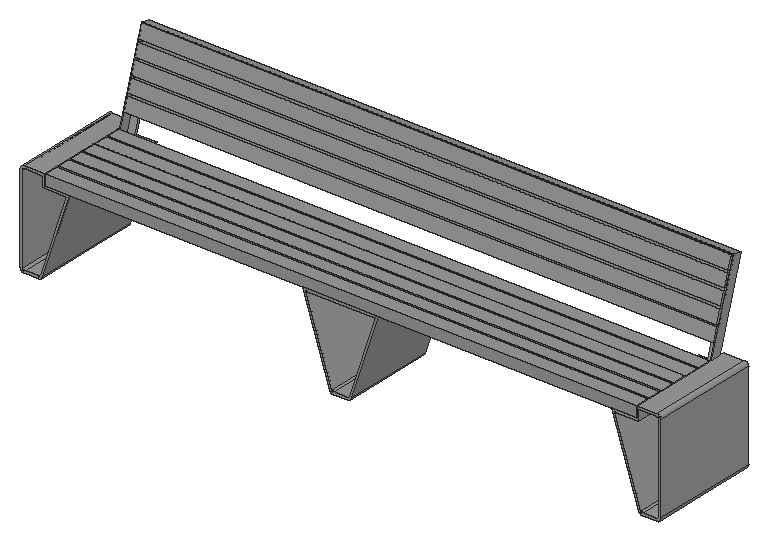
Revit family "Скамейка стальная «Энигма» Арт 14121", category Антураж, Revit 2018
Family settings
  На основе рабочей плоскости = Нет
  Всегда вертикально = Да
  При загрузке вырезать с полостями = Нет
  Источник визуального образа = Геометрия семейства
  Общий = Нет
  Точка расчета площади = Нет
Parameters (values of type "Скамейка стальная «Энигма» 3,0 м")
  Ширина = 610 mm  # constant formula
  Цвет лавки = Орех
  Цвет каркаса = Сталь
  Описание = if([Версия 1,5 м], "Скамейка стальная «Энигма». Модель 1,5 м", if([Версия 1,8 м], "Скамейка стальная «Энигма». Модель 1,8 м", if([Версия 2,0 м], "Скамейка стальная «Энигма». Модель 2,0 м", "Скамейка стальная «Энигма». Модель 3,0 м")))  # "Скамейка стальная «Энигма». Модель 3,0 м"
  Материал изделия = "Дерево, сталь"  # constant formula
  Изображение типоразмера = 68ce0d10d25cda0047d66e55ffdcb8d4.jpg
  Изготовитель = "ООО «Хоббика»"  # constant formula
  Длина = if([Версия 1,5 м], 1500 mm, if([Версия 1,8 м], 1800 mm, if([Версия 2,0 м], 2000 mm, 3000 mm)))  # 3000 mm
  Группа модели = "Скамейки"  # constant formula
  Высота = 840 mm  # constant formula
  Версия 3,0 м = yes
  Версия 2,0 м = no
  Версия 1,8 м = no
  Версия 1,5 м = no
  Артикул товара = "Арт. 14121"  # constant formula
  URL = "https://hobbyka.ru/product/skameyka_enigma/"
Types (5, lengths in mm): name | Описание | Длина | Версия 3,0 м | Версия 2,0 м | Версия 1,8 м | Версия 1,5 м
  (no name) | "Скамейка стальная «Энигма». Модель 3,0 м" | 3000 | yes | no | no | no
  Скамейка стальная «Энигма» 1,5 м | "Скамейка стальная «Энигма». Модель 1,5 м" | 1500 | no | no | no | yes
  Скамейка стальная «Энигма» 1,8 м | "Скамейка стальная «Энигма». Модель 1,8 м" | 1800 | no | no | yes | no
  Скамейка стальная «Энигма» 2,0 м | "Скамейка стальная «Энигма». Модель 2,0 м" | 2000 | no | yes | no | no
  Скамейка стальная «Энигма» 3,0 м | "Скамейка стальная «Энигма». Модель 3,0 м" | 3000 | yes | no | no | no
Reference planes
  plane 1 "По центру (Вперед/Назад)": y = 0
  plane 2: z = 0
  plane 3 "По центру (Влево/Вправо)": x = 0
  plane 4: x = 3000
  plane 5: y = 610
  plane 6: x = 115
  plane 7: x = 2885
  plane 8: x = 120
  plane 9: x = 2880
Forms (mm)
  Extrusion 1, solid, material "Орех" <- "Цвет лавки"
    sketch origin (0, 21.367, 0) x (0, 1, 0) y (0, 0, 1)
      loop
        line (406.887, 400) -> (406.887, 450) -> (341.887, 450) -> (341.887, 400) -> (406.887, 400)
      loop
        line (334.287, 400) -> (334.287, 450) -> (269.287, 450) -> (269.287, 400) -> (334.287, 400)
      loop
        line (261.687, 400) -> (261.687, 450) -> (196.687, 450) -> (196.687, 400) -> (261.687, 400)
      loop
        line (189.087, 400) -> (189.087, 450) -> (124.087, 450) -> (124.087, 400) -> (189.087, 400)
      loop
        line (116.487, 400) -> (116.487, 450) -> (51.487, 450) -> (51.487, 400) -> (116.487, 400)
      loop
        line (43.887, 400) -> (43.887, 450) -> (-21.113, 450) -> (-21.113, 400) -> (43.887, 400)
    from 115 to 2885
  Extrusion 2, solid, material "Орех" <- "Цвет лавки"
    sketch origin (0, 9.015, -3.21) x (0, 1, 0) y (0, 0, 1)
      loop
        line (551.887, 840) -> (533.346, 782.937) -> (576.143, 769.031) -> (594.685, 826.094) -> (551.887, 840)
      loop
        line (530.256, 773.426) -> (511.715, 716.363) -> (554.512, 702.457) -> (573.053, 759.52) -> (530.256, 773.426)
      loop
        line (508.625, 706.852) -> (490.084, 649.789) -> (532.881, 635.883) -> (551.422, 692.946) -> (508.625, 706.852)
      loop
        line (486.993, 640.278) -> (468.452, 583.215) -> (511.25, 569.309) -> (529.791, 626.372) -> (486.993, 640.278)
      loop
        line (465.362, 573.704) -> (446.821, 516.641) -> (489.619, 502.735) -> (508.16, 559.798) -> (465.362, 573.704)
    from 120 to 2880
  Sweep 3, solid, material "Сталь" <- "Цвет каркаса"
    path origin (0, 0, 0) x (1, 0, 0) y (0, 1, 0)
      loop
        line (115, 610) -> (2885, 610)
    profile origin (1500, 610, 0) x (0, 1, 0) y (0, 0, 1)
      loop
        line (-42.798, 840) -> (-44.343, 835.245) -> (-6.3, 822.884) -> (-18.661, 784.842) -> (-13.906, 783.297) -> (0, 826.094) -> (-42.798, 840)
  Sweep 4, solid, material "Сталь" <- "Цвет каркаса"
    path in 3D
      loop
        line (120, 605.245, 827.639) -> (120, 466.296, 400)
    profile origin (120, 535.77, 613.82) x (0, -0.951057, 0.309017) y (-1, 0, 0)
      loop
        line (0, 0) -> (40, 0) -> (40, 5) -> (-5, 5) -> (-5, -40) -> (0, -40) -> (0, 0)
  Sweep 5, solid, material "Сталь" <- "Цвет каркаса"
    path in 3D
      loop
        line (2880, 466.296, 400) -> (2880, 605.245, 827.639)
    profile origin (2880, 535.77, 613.82) x (0, -0.951057, 0.309017) y (1, 0, 0)
      loop
        line (0, 0) -> (40, 0) -> (40, 5) -> (-5, 5) -> (-5, -40) -> (0, -40) -> (0, 0)
Cuts and joins
  joined: Sweep 3, Sweep 4, Sweep 5
Lines and regions (mm)
  sketch lines
    curve 1: line (120, 605.245, 827.639) -> (120, 466.296, 400)
    curve 2: line (2880, 466.296, 400) -> (2880, 605.245, 827.639)
Dimensions and locks
  "Длина": plane 3 "По центру (Влево/Вправо)" to plane 4
  "Ширина": plane 5 to plane 1 "По центру (Вперед/Назад)"
  locked: plane 3 "По центру (Влево/Вправо)" to plane 6 at 115
  locked: plane 7 to plane 4 at 115
  locked: plane 6 to plane 8 at 5
  locked: plane 9 to plane 7 at 5
  equal spacing: plane 3 "По центру (Влево/Вправо)", nested 3, plane 4
  aligned and locked: level to plane 2
  aligned and locked: plane 4 to nested 2
  aligned and locked: plane 6 to Extrusion 1
  aligned and locked: Extrusion 1 to plane 7
  aligned and locked: plane 8 to Extrusion 2
  aligned and locked: Extrusion 2 to plane 9
Automatic sketch dimensions
  Extrusion 2 sketch curve to Extrusion 2 sketch curve = 18.541 mm  (x5)
  Extrusion 2 sketch curve to Extrusion 2 sketch curve = 3.09 mm  (x8)
  Extrusion 2 sketch curve to Extrusion 2 sketch curve = 42.798 mm
  Extrusion 2 sketch curve to Extrusion 2 sketch curve = 13.906 mm
  Extrusion 2 sketch curve to Extrusion 2 sketch curve = 9.511 mm  (x8)
  Extrusion 2 sketch curve to plane 5 = 154.164 mm
  level to Extrusion 2 sketch curve = 499.525 mm
  Sweep 3 sketch curve to plane 5 = 0 mm
  plane 3 "По центру (Влево/Вправо)" to Sweep 3 sketch curve = 115 mm
  Sweep 3 sketch curve to plane 4 = 115 mm
  profile plane to Sweep 3 sketch curve = 44.343 mm
  Sweep 3 sketch curve to Sweep 3 sketch curve = 1.545 mm
  profile plane to Sweep 3 sketch curve = 6.3 mm
  level to Sweep 3 sketch curve = 822.884 mm
  Sweep 3 sketch curve to Sweep 3 sketch curve = 3.21 mm
  profile plane to Sweep 3 sketch curve = 18.661 mm
  Sweep 3 sketch curve to Sweep 3 sketch curve = 4.755 mm
  profile plane to Sweep 4 sketch curve = 0 mm
  Sweep 4 sketch curve to profile plane = 0 mm
  profile plane to Sweep 4 sketch curve = 5 mm  (x2)
  Sweep 4 sketch curve to profile plane = 40 mm  (x2)
  Sweep 5 sketch curve to profile plane = 0 mm  (x2)
  profile plane to Sweep 5 sketch curve = 5 mm  (x2)
  Sweep 5 sketch curve to profile plane = 40 mm  (x2)
  Extrusion 1 sketch curve to Extrusion 1 sketch curve = 65 mm  (x6)
  Extrusion 1 sketch curve to Extrusion 1 sketch curve = 7.6 mm  (x5)
  Extrusion 1 sketch curve to plane 1 "По центру (Вперед/Назад)" = 0.254 mm
  level to Extrusion 1 sketch curve = 400 mm
  Extrusion 1 sketch curve to Extrusion 1 sketch curve = 0 mm  (x10)
  Extrusion 1 sketch curve to Extrusion 1 sketch curve = 50 mm
Nested families
  nested 1: "опора боковая" at (0, 0, 0), type "опора боковая"
  nested 2: "опора боковая" at (3000, 0, 0) x (-1, 0, 0) z (0, 0, 1), type "опора боковая"
  nested 3: "опора централоьная" at (1500, 0, 0), visible <- "Версия 3,0 м", type "опора централоьная"
Definition of nested family "опора боковая"
  Parameters (values of type "опора боковая")
    Цвет каркаса = none
    Height = 0 mm
  Reference planes
    plane 1 "По центру (Вперед/Назад)": y = 0
    plane 2: z = 0
    plane 3 "По центру (Влево/Вправо)": x = 0
    plane 4: y = 510
  Forms (mm)
    Extrusion 1, solid, material <- "Цвет каркаса"
      sketch origin (0, 0, 0) x (1, 0, 0) y (0, 0, 1)
        loop
          arc (0, 20) -> (5.858, 5.858) -> (20, 0) r 20
          line (20, 0) -> (85.484, 0)
          arc (85.484, 0) -> (96.941, 3.607) -> (104.266, 13.126) r 20
          line (104.266, 13.126) -> (230, 400) -> (115, 400) -> (115, 450) -> (20, 450)
          arc (20, 450) -> (5.858, 444.142) -> (0, 430) r 20
          line (0, 430) -> (0, 20)
        loop
          arc (20, 440) -> (12.929, 437.071) -> (10, 430) r 10
          line (10, 430) -> (10, 20)
          arc (10, 20) -> (12.929, 12.929) -> (20, 10) r 10
          line (20, 10) -> (85.484, 10)
          arc (85.484, 10) -> (91.15, 11.76) -> (94.822, 16.421) r 10
          line (94.822, 16.421) -> (216.235, 390) -> (105, 390) -> (105, 440) -> (20, 440)
      from 0 to -510
  Dimensions and locks
    aligned and locked: level to plane 2
Definition of nested family "опора централоьная"
  Parameters (values of type "опора централоьная")
    Цвет каркаса = none
    Height = 0 mm
  Reference planes
    plane 1 "По центру (Вперед/Назад)": y = 0
    plane 2: z = 0
    plane 3 "По центру (Влево/Вправо)": x = 0
    plane 4: y = 428
  Forms (mm)
    Extrusion 1, solid, material <- "Цвет каркаса"
      sketch origin (0, 0, 0) x (1, 0, 0) y (0, 0, 1)
        loop
          line (-32.742, 0) -> (32.742, 0)
          arc (32.742, 0) -> (44.199, 3.607) -> (51.524, 13.126) r 20
          line (51.524, 13.126) -> (177.258, 400) -> (-177.258, 400) -> (-51.524, 13.126)
          arc (-51.524, 13.126) -> (-44.199, 3.607) -> (-32.742, 0) r 20
        loop
          line (42.08, 16.421) -> (163.493, 390) -> (-163.493, 390) -> (-42.08, 16.421)
          arc (-42.08, 16.421) -> (-38.408, 11.76) -> (-32.742, 10) r 10
          line (-32.742, 10) -> (32.742, 10)
          arc (32.742, 10) -> (38.408, 11.76) -> (42.08, 16.421) r 10
      from 0 to -428
  Dimensions and locks
    aligned and locked: level to plane 2
